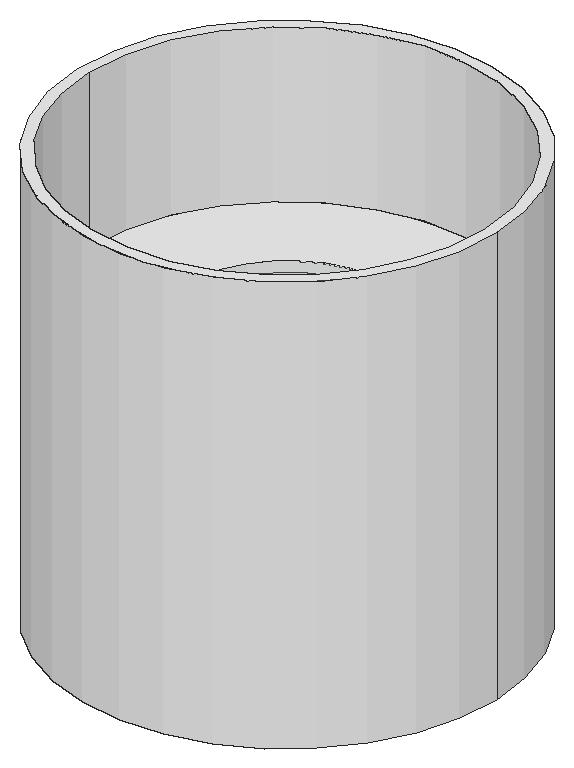
Revit family "7259 OSCA LEDxxxx", category Lighting Fixtures, host Face, Revit 2014
Parameters (values of type "7259 Osca LED Round")
  Width = 80.00 mm
  Weight = "0.48kg"
  Wattage Comments = "12w"
  Wattage = 9.2903 W
  built-in parameter 1150110 = 1 (stored number, unit not read)
  Voltage = 230 V
  URL = "www.astrolighting.co.uk"
  Type Comments = "Includes integral LED driver. Leading edge dimming."
  built-in parameter 1114217 = 1 (stored number, unit not read)
  Tilt Angle = 0.00°
  built-in parameter 1150109 = 1 (stored number, unit not read)
  built-in parameter 1150134 = 3
  built-in parameter 1150113 = 1 (stored number, unit not read)
  Suitable for bathroom zone = "Zone 3"
  Product Documentation = "http://www.astrolighting.co.uk/products/7259_Osca-LED-Round"
  Photometric Web File = "7259 OSCA LED ROUND.ies"
  Number of Poles = 1
  Mountable on normally flammable surfaces = "Yes"
  Model = "7259 Osca LED Round"
  Manufacturer = "Astro Lighting Ltd, CM20 2DP"
  built-in parameter 1150105 = 109.82 (stored number, unit not read)
  Lumens = 1380 lm
  Luminaire Lamp Efficiency Rating = ""
  built-in parameter 1150115 = 1 (stored number, unit not read)
  Light Source Elevation = 47.00 mm
  built-in parameter 1150137 = (empty or 0)
  built-in parameter 1150139 = (empty or 0)
  Length = 80.00 mm
  built-in parameter 1150112 = 1 (stored number, unit not read)
  built-in parameter 1150114 = 1 (stored number, unit not read)
  Lamp included = "Yes"
  Lamp = "LED"
  built-in parameter 1150132 = (empty or 0)
  built-in parameter 1150102 = (empty or 0)
  built-in parameter 1150107 = 3200 (stored number, unit not read)
  built-in parameter 1150138 = (empty or 0)
  built-in parameter 1150106 = 1.0982 (stored number, unit not read)
  IP Rating = "IP20"
  Height = 80.00 mm
  Energy Efficiency Rating = ""
  built-in parameter 1150104 = 13.8 (stored number, unit not read)
  Dimming Lamp Color Temperature Shift = <None>
  Dimmable = "No"
  Description = "Downlight"
  Default Elevation = 1219.20 mm
  Color Filter = 16777215
  Class = 1
  Casing Material = Astro - Aluminium - Matt White
  built-in parameter 1114218 = 1 (stored number, unit not read)
  built-in parameter 1150133 = 10 (stored number, unit not read)
  Manufacturer Contact = "01279 427001"
  Assembly Code = "D5020200"
  Apparent Load = 11.58 VA
Reference planes
  plane 1 "Center (Front/Back)": y = 0
  plane 2: z = 0
  plane 3 "Center (Left/Right)": x = 0
  plane 4 "Light Source Elevation": z = 47
  plane 5 "Left": x = -40
  plane 6 "Right": x = 40
  plane 7 "Front": y = 40
  plane 8 "Back": y = -40
  plane 9 "Bottom": z = 80
  plane 10 "Top": z = -180
  plane 11: z = 50
Forms (mm)
  Extrusion 1, solid, material "Astro - Aluminium - Matt White" <- "Casing Material"
    sketch origin (0, 0, 0) x (1, 0, 0) y (0, 1, 0)
      loop
        circle (0, 0) r 40
      loop
        circle (0, 0) r 38
    from 0 to 80
  Extrusion 2, solid, material "Astro - Aluminium - Matt White" <- "Casing Material"
    sketch origin (0, 121.391, 50) x (0, 1, 0) y (-1, 0, 0)
      loop
        circle (-121.391, 0) r 38
      loop
        circle (-121.391, 0) r 20
    from 0 to -2
  Extrusion 3, solid, material "Astro - Glass - Clear"
    sketch origin (0, 121.391, 50) x (0, 1, 0) y (-1, 0, 0)
      loop
        circle (-121.391, 0) r 20
    from 0 to -2
  Extrusion 4, solid, material "Astro - Aluminium - Matt White" <- "Casing Material"
    sketch origin (0, 0, 0) x (1, 0, 0) y (0, 1, 0)
      loop
        circle (0, 0) r 38
      loop
        circle (0, 0) r 35
    from 2 to 48
  Extrusion 5, solid, material "Astro - Aluminium - Anodised"
    sketch origin (0, 0, 0) x (1, 0, 0) y (0, 1, 0)
      loop
        circle (-15, 0) r 7.5
      loop
        arc (-25, -24.495) -> (0, -35) -> (25, -24.495) r 35
        line (25, -24.495) -> (25, 24.495)
        arc (25, 24.495) -> (0, 35) -> (-25, 24.495) r 35
        line (-25, 24.495) -> (-25, -24.495)
    from 2 to 0
Cuts and joins
  joined: Extrusion 1, Extrusion 2
Dimensions and locks
  "Light Source Elevation": plane 4 "Light Source Elevation" to plane 2
  equal spacing: plane 5 "Left", plane 3 "Center (Left/Right)", plane 6 "Right"
  "Length": plane 5 "Left" to plane 6 "Right"
  equal spacing: plane 7 "Front", plane 1 "Center (Front/Back)", plane 8 "Back"
  "Width": plane 7 "Front" to plane 8 "Back"
  "Height": plane 9 "Bottom" to plane 2
  plane 2 to plane 10 "Top" = 180.00 mm
  locked: plane 11 to plane 2 at 50
  locked: plane 11 to Extrusion 2 at 2
  locked: Extrusion 4 to plane 2 at 2
  aligned and locked: plane 2 to host face
  aligned and locked: level to host face
  aligned and locked: plane 3 "Center (Left/Right)" to Extrusion 1 sketch curve  (x2)
  aligned and locked: plane 1 "Center (Front/Back)" to Extrusion 1 sketch curve  (x2)
  aligned and locked: plane 9 "Bottom" to Extrusion 1
  aligned and locked: Extrusion 1 to plane 2
  aligned and locked: plane 3 "Center (Left/Right)" to Extrusion 2 sketch curve  (x2)
  aligned and locked: plane 1 "Center (Front/Back)" to Extrusion 2 sketch curve  (x2)
  aligned and locked: Extrusion 2 to plane 11
  aligned and locked: plane 1 "Center (Front/Back)" to Extrusion 3 sketch curve
  aligned and locked: plane 3 "Center (Left/Right)" to Extrusion 3 sketch curve
  aligned and locked: Extrusion 3 to plane 11
  aligned and locked: cut or joined group of Extrusion 1, Extrusion 2 to Extrusion 3
  aligned and locked: plane 1 "Center (Front/Back)" to Extrusion 4 sketch curve
  aligned and locked: plane 3 "Center (Left/Right)" to Extrusion 4 sketch curve
  aligned and locked: Extrusion 4 to cut or joined group of Extrusion 1, Extrusion 2
  aligned and locked: Extrusion 4 to Extrusion 5
  aligned and locked: Extrusion 5 to plane 2
  aligned and locked: imposter light to plane 4 "Light Source Elevation"
  aligned and locked: plane 3 "Center (Left/Right)" to imposter light
  aligned and locked: imposter light to plane 1 "Center (Front/Back)"
Automatic sketch dimensions
  host sketch curve to host sketch curve = 476.92 mm
  host sketch curve to host sketch curve = 436.547 mm
  Extrusion 4 sketch curve to Extrusion 4 sketch curve = 0.00 mm  (x2)
  Extrusion 5 sketch curve to Extrusion 5 sketch curve = 0.00 mm  (x2)
  plane 1 "Center (Front/Back)" to Extrusion 5 sketch curve = 0.00 mm  (x2)
  Extrusion 5 sketch curve to plane 3 "Center (Left/Right)" = 0.00 mm
  Extrusion 5 sketch curve to plane 3 "Center (Left/Right)" = 15.00 mm
  plane 5 "Left" to Extrusion 5 sketch curve = 15.00 mm
  Extrusion 5 sketch curve to plane 6 "Right" = 15.00 mm
  plane 8 "Back" to Extrusion 5 sketch curve = 15.505 mm
  Extrusion 5 sketch curve to plane 7 "Front" = 15.505 mm
  radius of Extrusion 1 sketch curve = 40.00 mm
  radius of Extrusion 1 sketch curve = 38.00 mm
  radius of Extrusion 2 sketch curve = 38.00 mm
  radius of Extrusion 2 sketch curve = 20.00 mm
  radius of Extrusion 3 sketch curve = 20.00 mm
  radius of Extrusion 4 sketch curve = 38.00 mm
  radius of Extrusion 4 sketch curve = 35.00 mm
  radius of Extrusion 5 sketch curve = 7.50 mm
Connectors
  electrical at (-15, 0, 0), driven by "Number of Poles", driven by "Voltage", driven by "Apparent Load"
    settings: on Extrusion 5, index 1, voltage 230 V, apparent load 0 VA, apparent load phase1 11.58 VA, apparent load phase2 0 VA, apparent load phase3 0 VA, power factor 1, load classification "Other", number of poles 1, system type 31, power factor state 1, is connector primary yes, connector utility no, sub classification motor no, connector description ""
